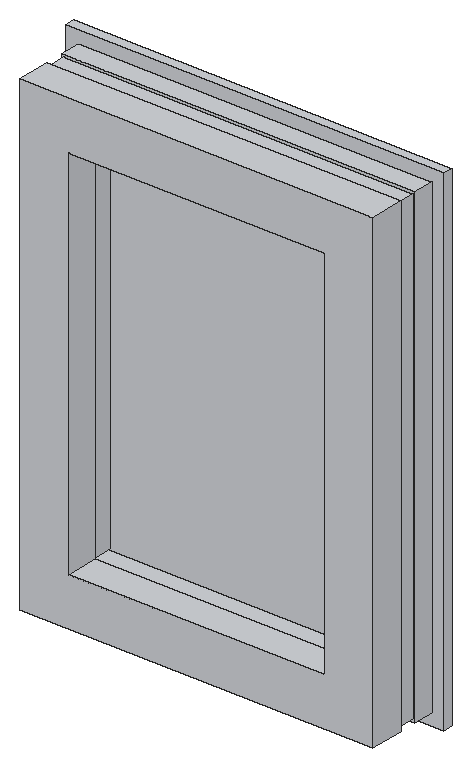
Revit family "R-TA-020", category Modèles génériques, Revit 2022
Family settings
  Hôte = Mur
  Peut héberger une armature = Non
  Cote de connecteur circulaire = Utiliser le diamètre
  Type d'élément = Normal
  Toujours verticalement = Oui
  Couper avec des vides une fois chargée = Non
  Conserver l'orientation des annotations = Non
  Partagée = Non
  Repère de localisation dans la pièce = Non
Parameters (values of type "TA-020")
  URL = "https://www.malerba.fr/produit/trappes-ei15-verticale-cadre-monobloc-mdf-33db"
  Sens_Feu = "Recto/Verso"
  Resistance_Feu = "E15-EI15"
  Repère [instance] = ""
  Reference_Commerciale = "T EI15 VAc"
  Panneau = none
  Option 2 [instance] = ""
  Option 1 [instance] = ""
  Note d'identification = "TRAPPES EI15 VERTICALE CADRE MONOBLOC MDF 33dB"
  Materiaux_Dominant = "MDF"
  Largeur Reservation = 300 mm
  Largeur /2 = Largeur Reservation / 2  # 150 mm
  Jeu hôte = 5 mm
  Jeu = 2 mm
  Huisserie = none
  Hauteur appuit = 1056.056 mm
  Hauteur Reservation = 400 mm
  Fiche_Produit = "TA-020"
  Fabricant = "MALERBA"
  Elévation par défaut = 0 mm
  Décalage panneau = 32 mm
  Description = "Trappe de visite 1 vantail verticale, EI15, 33(-1; -2) dB, avec cadre/huisserie monobloc MDF"
  Cylindre [instance] = ""
  Code_MAJ = ""
  Certification = ""
  Acoustique = "RW (C ; Ctr) = 33(-1 ; -2)"
Reference planes
  plane 1 "Mur": y = 0
  plane 2 "Centre (gauche/droite)": x = 125
  plane 3 "Arrière": y = 75
  plane 4: z = 1056.056
  plane 5: z = 1456.056
  plane 6: x = 275
  plane 7: x = -25
  plane 8: x = 243
  plane 9: x = 7
  plane 10: z = 1424.056
  plane 11: z = 1088.056
  plane 12: x = 245
  plane 13: x = 5
  plane 14: z = 1426.056
  plane 15: z = 1086.056
  plane 16: z = 1392.056
Forms (mm)
  Sweep 1, solid, material <- "Huisserie"
    path origin (0, 75, 0) x (1, 0, 0) y (0, 0, 1)
      loop
        line (275, 1456.056) -> (-25, 1456.056) -> (-25, 1056.056) -> (275, 1056.056) -> (275, 1456.056)
    profile "Profil trappes MDF : Profil trappes MDF" origin (125, 75, 1456.056) x (0, 0, -1) y (0, -1, 0)
      loop
        line (-5, -8) -> (30, -8) -> (30, 4) -> (25, 4) -> (25, 8) -> (44, 8) -> (44, 33) -> (45, 33) -> (45, 60) -> (5, 60) -> (5, 32) -> (7, 32) -> (7, 17) -> (5, 17) -> (5, 0) -> (-5, 0) -> (-5, -8)
  Extrusion 2, solid, material <- "Panneau"
    sketch origin (0, 75, 0) x (1, 0, 0) y (0, 0, 1)
      loop
        line (223, 1424.056) -> (27, 1424.056)
        arc (27, 1424.056) -> (12.858, 1418.198) -> (7, 1404.056) r 20
        line (7, 1404.056) -> (7, 1108.056)
        arc (7, 1108.056) -> (12.858, 1093.914) -> (27, 1088.056) r 20
        line (27, 1088.056) -> (223, 1088.056)
        arc (223, 1088.056) -> (237.142, 1093.914) -> (243, 1108.056) r 20
        line (243, 1108.056) -> (243, 1404.056)
        arc (243, 1404.056) -> (237.142, 1418.198) -> (223, 1424.056) r 20
    from -8 to 17
  Extrusion 3, void
    sketch origin (0, 75, 0) x (1, 0, 0) y (0, 0, 1)
      loop
        line (275, 1456.056) -> (-25, 1456.056) -> (-25, 1056.056) -> (275, 1056.056) -> (275, 1456.056)
    from -384.825 to 250
  Extrusion 4, void
    sketch origin (35.215, 75, -14.399) x (1, 0, 0) y (0, 0, 1)
      loop
        circle (89.785, 1406.455) r 9
    from -23.453 to 0
  Extrusion 5, solid, material <- "Huisserie"
    sketch origin (0, 75, 0) x (1, 0, 0) y (0, 0, 1)
      loop
        line (275, 1456.056) -> (-25, 1456.056) -> (-25, 1056.056) -> (275, 1056.056) -> (275, 1456.056)
    from -8 to 0
  Extrusion 6, void
    sketch origin (0, 75, 0) x (1, 0, 0) y (0, 0, 1)
      loop
        line (225, 1426.056) -> (25, 1426.056)
        arc (25, 1426.056) -> (10.858, 1420.198) -> (5, 1406.056) r 20
        line (5, 1406.056) -> (5, 1106.056)
        arc (5, 1106.056) -> (10.858, 1091.914) -> (25, 1086.056) r 20
        line (25, 1086.056) -> (225, 1086.056)
        arc (225, 1086.056) -> (239.142, 1091.914) -> (245, 1106.056) r 20
        line (245, 1106.056) -> (245, 1406.056)
        arc (245, 1406.056) -> (239.142, 1420.198) -> (225, 1426.056) r 20
    from -34.496 to 4
Cuts and joins
  Extrusion 4, Extrusion 6 cuts Sweep 1
  Extrusion 6 cuts Extrusion 5
  joined: Sweep 1, Extrusion 5
  Extrusion 4 cuts Extrusion 2
Text (mm)
  text "Côté de la mise en place" at (-1848.837, 1116.779, 0), in view "Niveau de réf."
  text "Côté de la mise en place" at (0, 1409.804, 2854.306), in view "Gauche"
  text "Côté de la mise en place" at (0, 499.811, 2980.732), in view "Droite"
Dimensions and locks
  locked: plane 3 "Arrière" to host wall
  "Hauteur appuit": level to plane 4
  "Hauteur Reservation": plane 4 to plane 5
  "Décalage panneau": plane 4 to plane 11
  "Décalage panneau": plane 7 to plane 9
  "Décalage panneau": plane 10 to plane 5
  "Jeu": plane 8 to plane 12
  "Jeu": plane 13 to plane 9
  "Jeu": plane 10 to plane 14
  "Jeu": plane 15 to plane 11
  locked: plane 16 to plane 5 at 64
  "Largeur /2": plane 6 to plane 2 "Centre (gauche/droite)"
  "Largeur /2": plane 2 "Centre (gauche/droite)" to plane 7
  "Décalage panneau": plane 8 to plane 6
  radius of Extrusion 6 sketch curve = 20 mm  (x2)
  aligned and locked: plane 1 "Mur" to host wall
  aligned and locked: Sweep 1 sketch curve to plane 5
  aligned and locked: Sweep 1 sketch curve to plane 7
  aligned and locked: plane 4 to Sweep 1 sketch curve
  aligned and locked: plane 6 to Sweep 1 sketch curve
  aligned and locked: Extrusion 2 sketch curve to plane 10
  aligned and locked: Extrusion 2 sketch curve to plane 9
  aligned and locked: plane 11 to Extrusion 2 sketch curve
  aligned and locked: plane 8 to Extrusion 2 sketch curve
  aligned and locked: Extrusion 3 sketch curve to plane 5
  aligned and locked: Extrusion 3 sketch curve to plane 7
  aligned and locked: plane 6 to Extrusion 3 sketch curve
  aligned and locked: plane 4 to Extrusion 3 sketch curve
  aligned and locked: Extrusion 5 sketch curve to plane 5
  aligned and locked: Extrusion 5 sketch curve to plane 7
  aligned and locked: plane 4 to Extrusion 5 sketch curve
  aligned and locked: plane 6 to Extrusion 5 sketch curve
  aligned and locked: cut or joined group of Sweep 1, Extrusion 4, Extrusion 5, Extrusion 6 to Extrusion 5
  aligned and locked: Extrusion 5 to host wall
  aligned and locked: Extrusion 6 sketch curve to plane 14
  aligned and locked: Extrusion 6 sketch curve to plane 13
  aligned and locked: plane 15 to Extrusion 6 sketch curve
  aligned and locked: Sweep 1 to Extrusion 6
  aligned and locked: plane 2 "Centre (gauche/droite)" to Extrusion 4 sketch curve
  aligned and locked: plane 16 to Extrusion 4 sketch curve
Automatic sketch dimensions
  Extrusion 2 sketch curve to plane 9 = 20 mm  (x2)
  plane 8 to Extrusion 2 sketch curve = 20 mm  (x2)
  plane 12 to Extrusion 6 sketch curve = 0 mm
  Extrusion 6 sketch curve to plane 9 = 18 mm
  plane 8 to Extrusion 6 sketch curve = 18 mm
  radius of Extrusion 4 sketch curve = 9 mm
